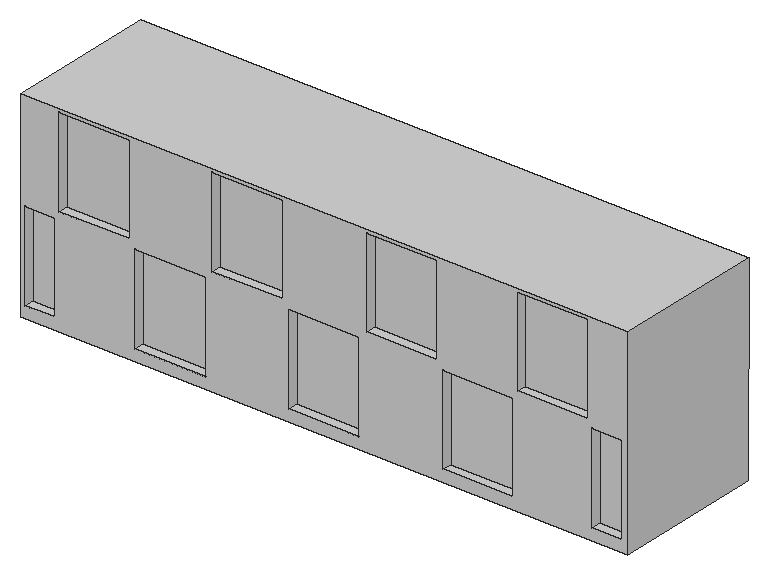
Revit family "SA 4H8W", category Mechanical Equipment, Revit 2019
Family settings
  Round Connector Dimension = Use Diameter
  Part Type = Normal
  OmniClass Number = 23.75.00.00
  OmniClass Title = Climate Control (HVAC)
  Work Plane-Based = No
  Always vertical = Yes
  Cut with Voids When Loaded = No
  Shared = No
  Room Calculation Point = No
Parameters (values of type "4H8W SA")
  Width = 5' - 4 1/2"
  Weight (lbs.) = "3825"
  URL = "www.renewaire.com"
  Model = "4H8W SA"
  Manufacturer = "Renewaire LLC"
  Length = 21' - 8 1/2"
  Housing = Metal - RenewAire - Anodized - Gray Text
  Height = 7' - 1 1/2"
  Description = "Energy Recovery Ventilator"
  Cores (L125-G5) = "32"
  Assembly Code = ""
  Airflow Range (CFM) = "8,000-35,200"
Reference planes (in)
  plane 1 "Center (Front/Back)": y = 0
  plane 2: z = 0
  plane 3 "Center (Left/Right)": x = 0
Forms (in)
  Extrusion 1, solid, material "Metal - RenewAire - Anodized - Gray Text" <- "Housing"
    sketch origin (0, -16.07731, 0) x (0, 1, 0) y (0, 0, 1)
      loop
        line (32.26413, 105.375) -> (-32.26413, 105.375) -> (-32.26413, 19.875) -> (32.26413, 19.875) -> (32.26413, 105.375)
    from 0 to 260.5
  Extrusion 2, void
    sketch origin (-0.33054, -14.11828, 19.50578) x (1, 0, 0) y (0, 0, 1)
      loop
        line (2.375, 43.5) -> (2.375, 5.25) -> (15.17072, 5.25) -> (15.17072, 43.5) -> (2.375, 43.5)
      loop
        line (49.50854, 43.5) -> (49.50854, 5.25) -> (79.83716, 5.25) -> (79.83716, 43.5) -> (49.50854, 43.5)
      loop
        line (47.32983, 84.75) -> (17.00122, 84.75) -> (17.00122, 46.5) -> (47.32983, 46.5) -> (47.32983, 84.75)
      loop
        line (82.52479, 84.75) -> (82.52479, 46.5) -> (112.77479, 46.5) -> (112.77479, 84.75) -> (82.52479, 84.75)
      loop
        line (115.375, 43.5) -> (115.375, 5.25) -> (145.625, 5.25) -> (145.625, 43.5) -> (115.375, 43.5)
      loop
        line (148.85585, 84.75) -> (148.85585, 46.5) -> (179.10585, 46.5) -> (179.10585, 84.75) -> (148.85585, 84.75)
      loop
        line (181.375, 43.5) -> (181.375, 5.25) -> (211.625, 5.25) -> (211.625, 43.5) -> (181.375, 43.5)
      loop
        line (213.432, 84.75) -> (213.432, 46.5) -> (243.682, 46.5) -> (243.682, 84.75) -> (213.432, 84.75)
      loop
        line (245.375, 43.5) -> (245.375, 5.25) -> (258.17072, 5.25) -> (258.17072, 43.5) -> (245.375, 43.5)
    from 30 to 38.22316
  Extrusion 3, void
    sketch origin (-1.12484, 49.88172, -1.12139) x (1, 0, 0) y (0, 0, 1)
      loop
        line (3.17072, 64.13227) -> (3.17072, 25.88013) -> (15.96643, 25.88013) -> (15.96643, 64.13227) -> (3.17072, 64.13227)
      loop
        line (50.30426, 64.13227) -> (50.30426, 25.88013) -> (80.63287, 25.88013) -> (80.63287, 64.13227) -> (50.30426, 64.13227)
      loop
        line (48.12555, 105.38227) -> (17.79694, 105.38227) -> (17.79694, 67.13227) -> (48.12555, 67.13227) -> (48.12555, 105.38227)
      loop
        line (83.32051, 105.38227) -> (83.32051, 67.13227) -> (113.5691, 67.13227) -> (113.5691, 105.38227) -> (83.32051, 105.38227)
      loop
        line (146.41931, 64.12718) -> (116.16931, 64.12718) -> (116.16931, 25.87718) -> (146.41931, 25.87718) -> (146.41931, 64.12718)
      loop
        line (179.90015, 105.37718) -> (149.65015, 105.37718) -> (149.65015, 67.12718) -> (179.90015, 67.12718) -> (179.90015, 105.37718)
      loop
        line (212.41931, 64.12718) -> (182.16931, 64.12718) -> (182.16931, 25.87718) -> (212.41931, 25.87718) -> (212.41931, 64.12718)
      loop
        line (244.47631, 105.37718) -> (214.22631, 105.37718) -> (214.22631, 67.12718) -> (244.47631, 67.12718) -> (244.47631, 105.37718)
      loop
        line (258.96502, 64.12718) -> (246.16931, 64.12718) -> (246.16931, 25.87718) -> (258.96502, 25.87718) -> (258.96502, 64.12718)
    from 30 to 38.22316
Cuts and joins
  Extrusion 2, Extrusion 3 cuts Extrusion 1
Dimensions and locks (in)
  aligned and locked: level to plane 2
